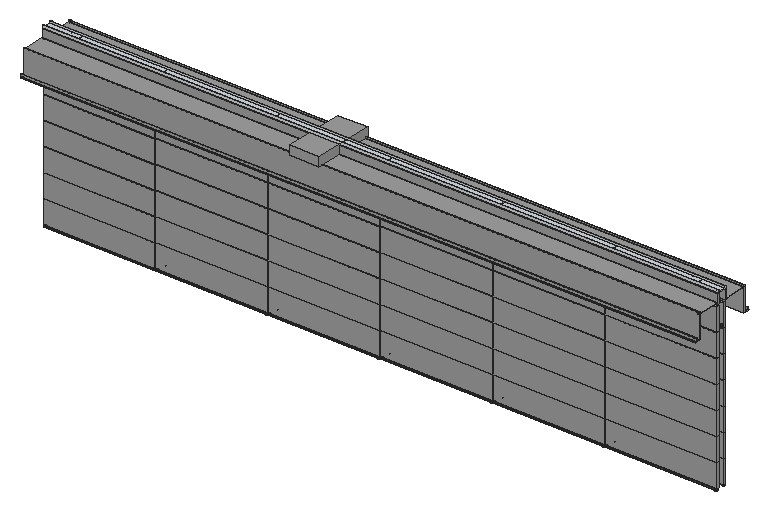
Revit family "Partition-7_Panels_High-Skyfold_Classic_Compact-12-1_to_14-0_FC_3680_to_4265", category Generic Models, host Ceiling, Revit 2026 (continued)
Definition of nested family "2D Fold panels"
  Definition of nested family "Int Panels"
    Lines and regions (in)
      model lines, in view "Ref. Level"
        curve 10: line (-17.67474, 17.59513, 0) -> (-17.67474, 17.34513, 0)
        curve 11: line (-17.67474, 17.34513, 0) -> (-18.17474, 17.34513, 0)
        curve 12: line (-18.17474, 17.34513, 0) -> (-18.17474, 16.09513, 0)
        curve 13: line (-18.17474, 16.09513, 0) -> (-18.92474, 15.34513, 0)
        curve 14: line (-18.92474, 15.34513, 0) -> (-23.08868, 15.34513, 0)
        curve 15: line (-23.08868, 15.22013, 0) -> (-18.45674, 15.22013, 0)
        curve 16: line (-18.45674, 15.22013, 0) -> (-17.67474, 14.43813, 0)
        curve 17: line (-17.67474, 14.43813, 0) -> (-17.67474, 12.97013, 0)
        curve 18: line (-17.67474, 12.97013, 0) -> (-23.08868, 12.97013, 0)
        curve 19: line (-23.08868, 21.70519, 0) -> (-18.45874, 21.70519, 0)
        curve 20: line (-18.45874, 21.70519, 0) -> (-17.67474, 20.92119, 0)
        curve 21: line (-17.67474, 20.92119, 0) -> (-17.67474, 19.45519, 0)
        curve 22: line (-17.67474, 19.45519, 0) -> (-23.08868, 19.45519, 0)
        curve 23: line (-23.08868, 0, 0) -> (-17.74583, 0, 0)
        curve 24: line (-17.74583, 0, 0) -> (-17.74583, 0.24995, 0)
        curve 25: line (-17.74583, 0.24995, 0) -> (-16.42711, 0.06825, 0)
        curve 26: line (-16.406, 0.80987, 0) -> (-17.60053, 0.63308, 0)
        curve 27: line (-17.60053, 0.63308, 0) -> (-17.76913, 0.62124, 0)
        curve 28: line (-17.76913, 0.62124, 0) -> (-17.76913, 1.5, 0)
        curve 29: line (-17.76913, 1.5, 0) -> (-18.51913, 2.25, 0)
        curve 30: line (-18.51913, 2.25, 0) -> (-23.08868, 2.25, 0)
      detail lines, in view "Ref. Level"
        curve 31: line (-23.08868, 11.11006, 0) -> (-17.67474, 11.11006, 0)
        curve 32: line (-17.67474, 11.11006, 0) -> (-17.67474, 10.86006, 0)
        curve 33: line (-17.67474, 10.86006, 0) -> (-18.17474, 10.86006, 0)
        curve 34: line (-18.17474, 10.86006, 0) -> (-18.17474, 9.61006, 0)
        curve 35: line (-18.17474, 9.61006, 0) -> (-18.92474, 8.86006, 0)
        curve 36: line (-18.92474, 8.86006, 0) -> (-23.08868, 8.86006, 0)
        curve 37: line (-23.08868, 8.73506, 0) -> (-18.45674, 8.73506, 0)
        curve 38: line (-18.45674, 8.73506, 0) -> (-17.67474, 7.95306, 0)
        curve 39: line (-17.67474, 7.95306, 0) -> (-17.67474, 6.48506, 0)
        curve 40: line (-17.67474, 6.48506, 0) -> (-23.08868, 6.48506, 0)
Definition of nested family "2D Unfold Panels"
  Parameters
    Wall thickness = 0' - 11 3/4"
    Distance_Between_Panels = 2' - 3"
    Assembly Code = ""
  Reference planes (in)
    plane 1: z = 0
    plane 2 "Center (Left/Right)": x = 1.44627
    plane 3: y = 92
    plane 4: y = 65
    plane 5: y = 38
    plane 6: y = 11
    plane 7: y = -16
    plane 8: y = -43
    plane 9: y = -70
    plane 10: y = -97
    plane 11: y = -96.57812
    plane 12: x = -4.42873
    plane 13: x = 7.32127
  Lines and regions (in)
    detail lines, in view "Ref. Level"
      curve 1: line (-4.42873, 87.75359, 0) -> (-4.42873, 68.81444, 0)
      curve 2: line (-2.17861, 87.75359, 0) -> (-2.17861, 68.81444, 0)
      curve 3: line (-2.17861, 42.70598, 0) -> (-2.17861, 61.95984, 0)
      curve 4: line (-4.42873, 61.95984, 0) -> (-4.42873, 42.70598, 0)
      curve 5: line (-4.42873, 35.46489, 0) -> (-4.42873, 15.31444, 0)
      curve 6: line (-2.17861, 35.46489, 0) -> (-2.17861, 15.31444, 0)
      curve 7: line (-2.17861, 8.45984, 0) -> (-2.17861, -11.79402, 0)
      curve 8: line (-4.42873, -11.79402, 0) -> (-4.42873, 8.45984, 0)
      curve 9: line (-4.42873, -72.00081, 0) -> (-4.42873, -92.75359, 0)
      curve 10: line (-2.17861, -72.03511, 0) -> (-2.17861, -92.75359, 0)
      curve 11: line (-4.42873, -18.53511, 0) -> (-4.42873, -38.68556, 0)
      curve 12: line (-2.17861, -18.53511, 0) -> (-2.17861, -38.68556, 0)
      curve 13: line (-2.17861, -46.29016, 0) -> (-2.17861, -66.54402, 0)
      curve 14: line (-4.42873, -66.54402, 0) -> (-4.42873, -46.29016, 0)
      curve 15: line (7.32127, 87.75359, 0) -> (7.32127, 68.81444, 0)
      curve 16: line (5.07116, 87.75359, 0) -> (5.07116, 68.81444, 0)
      curve 17: line (5.07116, 42.70598, 0) -> (5.07116, 61.95984, 0)
      curve 18: line (7.32127, 61.95984, 0) -> (7.32127, 42.70598, 0)
      curve 19: line (7.32127, 35.46489, 0) -> (7.32127, 15.31444, 0)
      curve 20: line (5.07116, 35.46489, 0) -> (5.07116, 15.31444, 0)
      curve 21: line (5.07116, 8.45984, 0) -> (5.07116, -11.79402, 0)
      curve 22: line (7.32127, -11.79402, 0) -> (7.32127, 8.45984, 0)
      curve 23: line (7.32127, -18.53511, 0) -> (7.32127, -38.68556, 0)
      curve 24: line (5.07116, -18.53511, 0) -> (5.07116, -38.68556, 0)
      curve 25: line (5.07116, -46.29016, 0) -> (5.07116, -66.54402, 0)
      curve 26: line (7.32127, -66.54402, 0) -> (7.32127, -46.29016, 0)
      curve 27: line (7.32127, -72.00081, 0) -> (7.32127, -92.75359, 0)
      curve 28: line (5.07116, -72.03511, 0) -> (5.07116, -92.75359, 0)
  Dimensions and locks (in)
    "Distance_Between_Panels": plane 4 to plane 3
    locked: plane 11 to plane 10 at 0.42188
    equal spacing: plane 10, plane 9, plane 8, plane 7, plane 6, plane 5, plane 4, plane 3
    equal spacing: plane 12, plane 2 "Center (Left/Right)", plane 13
    "Wall thickness": plane 12 to plane 13
    aligned and locked: nested 1 to plane 2 "Center (Left/Right)"
    aligned and locked: nested 2 to plane 2 "Center (Left/Right)"
    aligned and locked: plane 2 "Center (Left/Right)" to nested 3
    aligned and locked: plane 2 "Center (Left/Right)" to nested 5
    aligned and locked: nested 5 to nested 4
    aligned and locked: plane 2 "Center (Left/Right)" to nested 6
    aligned and locked: plane 3 to nested 6
    aligned: plane 4 to nested 4
    aligned: plane 5 to nested 5
    aligned: plane 6 to nested 3
    aligned: plane 9 to nested 2
    aligned and locked: nested 2 to plane 9
    aligned: plane 8 to nested 7
    aligned: plane 7 to nested 8
    aligned and locked: nested 3 to plane 6
    aligned and locked: nested 5 to plane 5
    aligned and locked: nested 4 to plane 4
    aligned: nested 1 to plane 10
    aligned and locked: nested 1 to plane 11
    aligned and locked: plane 2 "Center (Left/Right)" to nested 8
    aligned and locked: plane 2 "Center (Left/Right)" to nested 7
  Automatic sketch dimensions
    curve 1 to plane 12 = 0' - 0"
    curve 14 to plane 12 = 0' - 0"
    curve 11 to plane 12 = 0' - 0"
    curve 9 to plane 12 = 0' - 0"
    curve 4 to plane 12 = 0' - 0"
    curve 5 to plane 12 = 0' - 0"
    curve 8 to plane 12 = 0' - 0"
    curve 22 to plane 13 = 0' - 0"
    curve 23 to plane 13 = 0' - 0"
    curve 19 to plane 13 = 0' - 0"
    curve 18 to plane 13 = 0' - 0"
    curve 26 to plane 13 = 0' - 0"
    curve 27 to plane 13 = 0' - 0"
    curve 15 to plane 13 = 0' - 0"
    plane 12 to curve 7 = 0' - 2.25011"
    curve 5 to curve 6 = 0' - 2.25011"
    plane 12 to curve 3 = 0' - 2.25011"
    plane 12 to curve 10 = 0' - 2.25011"
    curve 1 to curve 2 = 0' - 2.25011"
    plane 12 to curve 12 = 0' - 2.25011"
    plane 12 to curve 13 = 0' - 2.25011"
    curve 28 to plane 13 = 0' - 2.25011"
    curve 16 to curve 15 = 0' - 2.25011"
    curve 17 to curve 18 = 0' - 2.25011"
    curve 25 to plane 13 = 0' - 2.25011"
    curve 24 to plane 13 = 0' - 2.25011"
    curve 20 to curve 19 = 0' - 2.25011"
    curve 21 to curve 22 = 0' - 2.25011"
    plane 11 to curve 27 = 0' - 3.82454"
    plane 11 to curve 9 = 0' - 3.82454"
    curve 9 to curve 10 = 0' - 0"
    curve 28 to curve 27 = 0' - 0"
    plane 9 to curve 10 = 0' - 2.03511"
    plane 9 to curve 28 = 0' - 2.03511"
    plane 9 to curve 27 = 0' - 2.00081"
    plane 9 to curve 9 = 0' - 2.00081"
    curve 25 to plane 9 = 0' - 3.45598"
    curve 25 to curve 26 = 0' - 0"  (x2)
    curve 13 to plane 9 = 0' - 3.45598"
    curve 14 to curve 13 = 0' - 0"  (x2)
    plane 8 to curve 13 = 0' - 3.29016"
    plane 8 to curve 25 = 0' - 3.29016"
    curve 24 to plane 8 = 0' - 4.31444"
    curve 12 to plane 8 = 0' - 4.31444"
    curve 24 to curve 23 = 0' - 0"  (x2)
    curve 11 to curve 12 = 0' - 0"  (x2)
    plane 7 to curve 23 = 0' - 2.53511"
    plane 7 to curve 12 = 0' - 2.53511"
    curve 21 to plane 7 = 0' - 4.20598"
    curve 7 to plane 7 = 0' - 4.20598"
    curve 8 to curve 7 = 0' - 0"  (x2)
    curve 21 to curve 22 = 0' - 0"  (x2)
    plane 6 to curve 7 = 0' - 2.54016"
    plane 6 to curve 22 = 0' - 2.54016"
    curve 5 to plane 6 = 0' - 4.31444"
    curve 5 to curve 6 = 0' - 0"  (x2)
    curve 19 to plane 6 = 0' - 4.31444"
    curve 20 to curve 19 = 0' - 0"  (x2)
    plane 5 to curve 19 = 0' - 2.53511"
    plane 5 to curve 6 = 0' - 2.53511"
    curve 18 to plane 5 = 0' - 4.70598"
    curve 3 to plane 5 = 0' - 4.70598"
    curve 4 to curve 3 = 0' - 0"  (x2)
    curve 17 to curve 18 = 0' - 0"  (x2)
    plane 4 to curve 17 = 0' - 3.04016"
    plane 4 to curve 3 = 0' - 3.04016"
    curve 15 to plane 4 = 0' - 3.81444"
    curve 1 to plane 4 = 0' - 3.81444"
    curve 1 to curve 2 = 0' - 0"  (x2)
    curve 16 to curve 15 = 0' - 0"  (x2)
    plane 3 to curve 2 = 0' - 4.24641"
    plane 3 to curve 16 = 0' - 4.24641"
  Nested families (in)
    nested 1: "vert fin bas" at (1.04625, -92.33456, 0), type "vert fin bas", in view "Ref. Level"
    nested 2: "vert biseau" at (1.39904, -73.00081, 0), type "vert biseau", in view "Ref. Level"
    nested 3: "vert levres" at (1.34699, 8.32838, 0), type "vert levres", in view "Ref. Level"
    nested 4: "vert levres" at (1.34699, 62.32838, 0), type "vert levres", in view "Ref. Level"
    nested 5: "vert biseau" at (1.39904, 34.99919, 0), type "vert biseau", in view "Ref. Level"
    nested 6: "vert fin haut" at (1.88328, 87.75643, 0), type "vert fin haut", in view "Ref. Level"
    nested 7: "vert levres" at (1.34699, -45.67162, 0), type "vert levres", in view "Ref. Level"
    nested 8: "vert biseau" at (1.39904, -19.00081, 0), type "vert biseau", in view "Ref. Level"
  Definition of nested family "vert fin bas"
    Parameters
      Wall thickness = 0' - 11 3/4"
      Assembly Code = ""
    Reference planes (in)
      plane 1 "Center (Front/Back)": y = 0
      plane 2: z = 0
      plane 3 "Center (Left/Right)": x = 0.40002
      plane 4: x = -5.47498
      plane 5: x = 6.27502
    Lines and regions (in)
      model lines, in view "Ref. Level"
        curve 1: arc (-5.46512, -5.84526, 0) -> (-5.03544, -6.27494, 0) -> (-4.60575, -5.84526, 0) r 0.42968
        curve 2: line (-5.47498, 0.00284, 0) -> (-5.47498, -4.27482, 0)
        curve 3: line (-5.47498, -4.27482, 0) -> (-5.22497, -4.27482, 0)
        curve 4: line (-5.22497, -4.27482, 0) -> (-5.46512, -5.84526, 0)
        curve 5: line (-4.60575, -5.84526, 0) -> (-4.85481, -4.24357, 0)
        curve 6: line (-4.85481, -4.24357, 0) -> (-4.24567, -4.24357, 0)
        curve 7: line (-4.24567, -4.24357, 0) -> (-3.22487, -3.22277, 0)
        curve 8: line (-3.22487, -3.22277, 0) -> (-3.22487, 0.00284, 0)
        curve 9: arc (0.90004, -6.01609, 0) -> (1.25205, -5.87118, 0) -> (1.40004, -5.52045, 0) r 0.50003
        curve 10: arc (1.40004, -5.52045, 0) -> (1.38599, -5.43168, 0) -> (1.33756, -5.35598, 0) r 0.21963
        curve 11: arc (-0.53754, -5.35598, 0) -> (-0.58597, -5.43168, 0) -> (-0.60002, -5.52045, 0) r 0.21963
        curve 12: arc (-0.60002, -5.52045, 0) -> (-0.45203, -5.87118, 0) -> (-0.10001, -6.01609, 0) r 0.50003
        curve 13: arc (0.15, -4.98096, 0) -> (0.23839, -4.94435, 0) -> (0.275, -4.85595, 0) r 0.12501
        curve 14: arc (0.52502, -4.85595, 0) -> (0.56163, -4.94435, 0) -> (0.65002, -4.98096, 0) r 0.12501
        curve 15: arc (-0.60004, -4.85595, 0) -> (-0.68843, -4.89257, 0) -> (-0.72505, -4.98096, 0) r 0.12501
        curve 16: arc (-0.72505, -5.51606, 0) -> (-0.54198, -5.95803, 0) -> (-0.10001, -6.14109, 0) r 0.62503
        curve 17: arc (0.90004, -6.14109, 0) -> (1.342, -5.95803, 0) -> (1.52507, -5.51606, 0) r 0.62503
        curve 18: arc (1.52507, -4.98096, 0) -> (1.48845, -4.89257, 0) -> (1.40006, -4.85595, 0) r 0.12501
        curve 19: line (-0.10001, -6.01609, 0) -> (0.90004, -6.01609, 0)
        curve 20: line (1.33756, -5.35598, 0) -> (-0.53754, -5.35598, 0)
        curve 21: line (0.65002, -4.98096, 0) -> (1.40006, -4.98096, 0)
        curve 22: line (1.40006, -4.98096, 0) -> (1.40006, -5.23097, 0)
        curve 23: line (1.40006, -5.23097, 0) -> (-0.60004, -5.23097, 0)
        curve 24: line (-0.60004, -5.23097, 0) -> (-0.60004, -4.98096, 0)
        curve 25: line (-0.60004, -4.98096, 0) -> (0.15, -4.98096, 0)
        curve 26: line (0.275, -4.85595, 0) -> (0.275, -3.23087, 0)
        curve 27: line (0.275, -3.23087, 0) -> (0.52502, -3.23087, 0)
        curve 28: line (0.52502, -3.23087, 0) -> (0.52502, -4.85595, 0)
        curve 29: line (-0.35003, -4.98096, 0) -> (-0.35003, -4.85595, 0)
        curve 30: line (-0.35003, -4.85595, 0) -> (-0.60004, -4.85595, 0)
        curve 31: line (-0.72505, -4.98096, 0) -> (-0.72505, -5.51606, 0)
        curve 32: line (-0.10001, -6.14109, 0) -> (0.90004, -6.14109, 0)
        curve 33: line (1.52507, -5.51606, 0) -> (1.52507, -4.98096, 0)
        curve 34: line (1.40006, -4.85595, 0) -> (1.15005, -4.85595, 0)
        curve 35: line (1.15005, -4.85595, 0) -> (1.15005, -4.98096, 0)
      detail lines, in view "Ref. Level"
        curve 36: arc (6.26516, -5.84526, 0) -> (5.83548, -6.27494, 0) -> (5.4058, -5.84526, 0) r 0.42968
        curve 37: line (6.27502, 0.00284, 0) -> (6.27502, -4.27482, 0)
        curve 38: line (6.27502, -4.27482, 0) -> (6.02501, -4.27482, 0)
        curve 39: line (6.02501, -4.27482, 0) -> (6.26516, -5.84526, 0)
        curve 40: line (5.4058, -5.84526, 0) -> (5.65485, -4.24357, 0)
        curve 41: line (5.65485, -4.24357, 0) -> (5.04571, -4.24357, 0)
        curve 42: line (5.04571, -4.24357, 0) -> (4.02491, -3.22277, 0)
        curve 43: line (4.02491, -3.22277, 0) -> (4.02491, 0.00284, 0)
    Dimensions and locks (in)
      equal spacing: plane 4, plane 3 "Center (Left/Right)", plane 5
      "Wall thickness": plane 4 to plane 5
    Automatic sketch dimensions
      curve 9 to curve 17 = 0' - 0"  (x2)
      curve 12 to curve 16 = 0' - 0"  (x2)
      curve 2 to plane 4 = 0' - 0"
      curve 37 to plane 5 = 0' - 0"
      plane 4 to curve 4 = 0' - 0.00986"
      curve 2 to curve 4 = 0' - 0 1/4"
      curve 1 to curve 1 = 0' - 0 55/128"
      curve 3 to curve 5 = 0' - 0.37016"
      curve 5 to curve 6 = 0' - 0.60914"
      curve 6 to curve 8 = 0' - 1.0208"
      curve 31 to plane 3 "Center (Left/Right)" = 0' - 1.12507"
      curve 15 to curve 24 = 0' - 0 1/8"
      curve 15 to curve 24 = 0' - 0"  (x2)
      curve 31 to curve 11 = 0' - 0.12503"
      curve 23 to curve 20 = 0' - 0 1/16"
      curve 12 to curve 11 = 0' - 0.21937"
      curve 24 to curve 29 = 0' - 0 1/4"
      curve 12 to plane 3 "Center (Left/Right)" = 0' - 0.50004"
      curve 13 to plane 3 "Center (Left/Right)" = 0' - 0.25002"
      curve 26 to plane 3 "Center (Left/Right)" = 0' - 0 1/8"
      plane 3 "Center (Left/Right)" to curve 28 = 0' - 0 1/8"
      curve 14 to curve 21 = 0' - 0 1/8"
      plane 3 "Center (Left/Right)" to curve 32 = 0' - 0 1/2"
      curve 14 to curve 34 = 0' - 0.50002"
      curve 9 to curve 10 = 0' - 0.28063"
      curve 10 to curve 20 = 0' - 0.15689"
      curve 10 to curve 10 = 0' - 0 1/16"
      curve 35 to curve 21 = 0' - 0 1/4"
      curve 18 to curve 21 = 0' - 0"
      curve 9 to curve 17 = 0' - 0.12503"
      curve 43 to plane 5 = 0' - 2.25011"
      curve 42 to plane 5 = 0' - 1.22931"
      curve 40 to plane 5 = 0' - 0.86922"
      curve 41 to curve 40 = 0' - 0.60914"
      curve 36 to curve 36 = 0' - 0 55/128"
      curve 38 to plane 5 = 0' - 0 1/4"
      plane 1 "Center (Front/Back)" to curve 32 = 0' - 6.14109"
      curve 32 to curve 19 = 0' - 0 1/8"
      curve 36 to curve 17 = 0' - 0.3292"
      curve 5 to curve 16 = 0' - 0.3292"
      curve 12 to curve 11 = 0' - 0.01076"
      curve 20 to curve 23 = 0' - 0 1/8"
      curve 22 to curve 33 = 0' - 0 1/4"
      curve 12 to curve 25 = 0' - 0.5351"
      curve 14 to curve 13 = 0' - 0 1/8"
      curve 1 to curve 3 = 0' - 1.57044"
      curve 36 to curve 39 = 0' - 1.57044"
      curve 38 to curve 42 = 0' - 0 1/32"
      curve 3 to curve 7 = 0' - 0 1/32"
      curve 13 to curve 26 = 0' - 1.62508"
      curve 41 to curve 42 = 0' - 1.0208"
      curve 6 to curve 7 = 0' - 1.0208"
      curve 8 to plane 1 "Center (Front/Back)" = 0' - 0.00284"
      curve 37 to plane 1 "Center (Front/Back)" = 0' - 0.00284"
      curve 2 to plane 1 "Center (Front/Back)" = 0' - 0.00284"
      curve 43 to plane 1 "Center (Front/Back)" = 0' - 0.00284"
  Definition of nested family "vert biseau"
    Parameters
      Wall thickness = 0' - 11 3/4"
      Assembly Code = ""
    Reference planes (in)
      plane 1 "Center (Front/Back)": y = 0
      plane 2: z = 0
      plane 3 "Center (Left/Right)": x = 0.04723
      plane 4: x = -5.82777
      plane 5: x = 5.92223
    Lines and regions (in)
      model lines, in view "Ref. Level"
        curve 1: line (-3.57766, -0.0343, 0) -> (-3.57766, 2.19877, 0)
        curve 2: line (-3.57766, 2.19877, 0) -> (-4.3797, 3.00081, 0)
        curve 3: line (-4.3797, 3.00081, 0) -> (-5.82777, 3.00081, 0)
        curve 4: line (-5.82777, 3.00081, 0) -> (-5.82777, -0.0343, 0)
        curve 5: line (-5.82777, 7.20679, 0) -> (-5.82777, 3.50083, 0)
        curve 6: line (-5.82777, 3.50083, 0) -> (-4.3797, 3.50083, 0)
        curve 7: line (-4.3797, 3.50083, 0) -> (-3.57766, 4.30287, 0)
        curve 8: line (-3.57766, 4.30287, 0) -> (-3.57766, 7.20679, 0)
      detail lines, in view "Ref. Level"
        curve 9: line (3.67212, -0.0343, 0) -> (3.67212, 2.19877, 0)
        curve 10: line (3.67212, 2.19877, 0) -> (4.47416, 3.00081, 0)
        curve 11: line (4.47416, 3.00081, 0) -> (5.92223, 3.00081, 0)
        curve 12: line (5.92223, 3.00081, 0) -> (5.92223, -0.0343, 0)
        curve 13: line (5.92223, 7.20679, 0) -> (5.92223, 3.50083, 0)
        curve 14: line (5.92223, 3.50083, 0) -> (4.47416, 3.50083, 0)
        curve 15: line (4.47416, 3.50083, 0) -> (3.67212, 4.30287, 0)
        curve 16: line (3.67212, 4.30287, 0) -> (3.67212, 7.20679, 0)
    Dimensions and locks (in)
      "Wall thickness": plane 4 to plane 5
      equal spacing: plane 4, plane 3 "Center (Left/Right)", plane 5
    Automatic sketch dimensions
      curve 5 to plane 4 = 0' - 0"
      curve 4 to plane 4 = 0' - 0"
      curve 13 to plane 5 = 0' - 0"
      curve 12 to plane 5 = 0' - 0"
      curve 3 to curve 2 = 0' - 1.44807"
      curve 7 to curve 2 = 0' - 0"
      curve 2 to curve 1 = 0' - 0.80204"
      curve 6 to curve 7 = 0' - 0.80204"  (x2)
      plane 1 "Center (Front/Back)" to curve 9 = 0' - 0.0343"
      curve 9 to curve 12 = 0' - 2.25011"
      curve 16 to curve 9 = 0' - 0"
      curve 9 to curve 11 = 0' - 0.80204"
      curve 15 to curve 10 = 0' - 0"
      plane 1 "Center (Front/Back)" to curve 12 = 0' - 0.0343"
      plane 1 "Center (Front/Back)" to curve 1 = 0' - 0.0343"
      plane 1 "Center (Front/Back)" to curve 4 = 0' - 0.0343"
      curve 10 to plane 1 "Center (Front/Back)" = 0' - 2.19877"
      curve 2 to plane 1 "Center (Front/Back)" = 0' - 2.19877"
      curve 9 to curve 12 = 0' - 0.80204"
      curve 1 to curve 4 = 0' - 0.80204"
      curve 3 to curve 5 = 0' - 0.50003"
      curve 11 to curve 14 = 0' - 0.50003"
      curve 14 to curve 16 = 0' - 0.80204"
      curve 7 to curve 5 = 0' - 2.90391"
      curve 15 to curve 13 = 0' - 2.90391"
      curve 5 to curve 8 = 0' - 0"
      curve 16 to curve 13 = 0' - 0"
  Definition of nested family "vert levres"
    Parameters
      Wall thickness = 0' - 11 3/4"
      Assembly Code = ""
    Reference planes (in)
      plane 1 "Center (Front/Back)": y = 0
      plane 2: z = 0
      plane 3 "Center (Left/Right)": x = 0.09928
      plane 4: x = -5.77572
      plane 5: x = 5.97428
    Lines and regions (in)
      model lines, in view "Ref. Level"
        curve 1: line (-5.52571, 3.18965, 0) -> (-5.52571, 2.67162, 0)
        curve 2: line (-5.52571, 2.67162, 0) -> (-5.52571, 3.18965, 0)
        curve 3: line (-5.52571, 3.18965, 0) -> (-5.77572, 3.18965, 0)
        curve 4: line (-5.77572, 3.18965, 0) -> (-5.77572, -0.10051, 0)
        curve 5: line (-5.77572, 6.75409, 0) -> (-5.77572, 3.68967, 0)
        curve 6: line (-5.77572, 3.68967, 0) -> (-3.52561, 3.68967, 0)
        curve 7: line (-3.52561, 3.68967, 0) -> (-3.52561, 6.75409, 0)
        curve 8: line (-3.52561, -0.10051, 0) -> (-3.52561, 2.67162, 0)
        curve 9: line (-3.52561, 2.67162, 0) -> (-5.52571, 2.67162, 0)
      detail lines, in view "Ref. Level"
        curve 10: line (5.72427, 3.18965, 0) -> (5.72427, 2.67162, 0)
        curve 11: line (5.72427, 2.67162, 0) -> (5.72427, 3.18965, 0)
        curve 12: line (5.72427, 3.18965, 0) -> (5.97428, 3.18965, 0)
        curve 13: line (5.97428, 3.18965, 0) -> (5.97428, -0.10051, 0)
        curve 14: line (5.97428, 6.75409, 0) -> (5.97428, 3.68967, 0)
        curve 15: line (5.97428, 3.68967, 0) -> (3.72417, 3.68967, 0)
        curve 16: line (3.72417, 3.68967, 0) -> (3.72417, 6.75409, 0)
        curve 17: line (3.72417, -0.10051, 0) -> (3.72417, 2.67162, 0)
        curve 18: line (3.72417, 2.67162, 0) -> (5.72427, 2.67162, 0)
    Dimensions and locks (in)
      equal spacing: plane 4, plane 3 "Center (Left/Right)", plane 5
      "Wall thickness": plane 4 to plane 5
    Automatic sketch dimensions
      curve 5 to plane 4 = 0' - 0"
      curve 4 to plane 4 = 0' - 0"
      curve 14 to plane 5 = 0' - 0"
      curve 13 to plane 5 = 0' - 0"
      plane 4 to curve 2 = 0' - 0 1/4"
      plane 4 to curve 7 = 0' - 2.25011"
      plane 1 "Center (Front/Back)" to curve 8 = 0' - 0.10051"
      curve 4 to curve 8 = 0' - 2.25011"
      curve 18 to plane 5 = 0' - 2.25011"
      curve 16 to curve 17 = 0' - 0"
      curve 11 to curve 12 = 0' - 0 1/4"
      plane 1 "Center (Front/Back)" to curve 4 = 0' - 0.10051"
      plane 1 "Center (Front/Back)" to curve 13 = 0' - 0.10051"
      plane 1 "Center (Front/Back)" to curve 17 = 0' - 0.10051"
      curve 9 to plane 1 "Center (Front/Back)" = 0' - 2.67162"
      curve 10 to plane 1 "Center (Front/Back)" = 0' - 2.67162"
      curve 1 to curve 4 = 0' - 0.51803"
      curve 10 to curve 10 = 0' - 0.51803"
      curve 8 to curve 7 = 0' - 1.01805"
      curve 12 to curve 14 = 0' - 0.50002"
      curve 14 to curve 14 = 0' - 3.06441"
      curve 5 to curve 5 = 0' - 3.06441"
      curve 5 to curve 7 = 0' - 0"
      curve 16 to curve 14 = 0' - 0"
  Definition of nested family "vert fin haut"
    Parameters
      Wall thickness = 0' - 11 3/4"
      Assembly Code = ""
    Reference planes (in)
      plane 1 "Center (Front/Back)": y = 0
      plane 2: z = 0
      plane 3 "Center (Left/Right)": x = -0.43701
      plane 4: x = -6.31201
      plane 5: x = 5.43799
    Lines and regions (in)
      detail lines, in view "Ref. Level"
        curve 1: arc (-6.30215, 5.84526, 0) -> (-5.87246, 6.27494, 0) -> (-5.44278, 5.84526, 0) r 0.42968
        curve 2: line (-6.31201, -0.00284, 0) -> (-6.31201, 4.27482, 0)
        curve 3: line (-6.31201, 4.27482, 0) -> (-6.06199, 4.27482, 0)
        curve 4: line (-6.06199, 4.27482, 0) -> (-6.30215, 5.84526, 0)
        curve 5: line (-5.44278, 5.84526, 0) -> (-5.69183, 4.24357, 0)
        curve 6: line (-5.69183, 4.24357, 0) -> (-5.0827, 4.24357, 0)
        curve 7: line (-5.0827, 4.24357, 0) -> (-4.06189, 3.22277, 0)
        curve 8: line (-4.06189, 3.22277, 0) -> (-4.06189, -0.00284, 0)
        curve 9: arc (5.42813, 5.84526, 0) -> (4.99845, 6.27494, 0) -> (4.56877, 5.84526, 0) r 0.42968
        curve 10: line (5.43799, -0.00284, 0) -> (5.43799, 4.27482, 0)
        curve 11: line (5.43799, 4.27482, 0) -> (5.18798, 4.27482, 0)
        curve 12: line (5.18798, 4.27482, 0) -> (5.42813, 5.84526, 0)
        curve 13: line (4.56877, 5.84526, 0) -> (4.81782, 4.24357, 0)
        curve 14: line (4.81782, 4.24357, 0) -> (4.20868, 4.24357, 0)
        curve 15: line (4.20868, 4.24357, 0) -> (3.18788, 3.22277, 0)
        curve 16: line (3.18788, 3.22277, 0) -> (3.18788, -0.00284, 0)
    Dimensions and locks (in)
      equal spacing: plane 4, plane 3 "Center (Left/Right)", plane 5
      "Wall thickness": plane 4 to plane 5
    Automatic sketch dimensions
      curve 2 to plane 4 = 0' - 0"
      curve 10 to plane 5 = 0' - 0"
      plane 4 to curve 1 = 0' - 0.00986"
      plane 4 to curve 3 = 0' - 0 1/4"
      curve 1 to curve 1 = 0' - 0 55/128"
      curve 3 to curve 5 = 0' - 0.37016"
      curve 5 to curve 6 = 0' - 0.60914"
      curve 6 to curve 8 = 0' - 1.0208"
      plane 1 "Center (Front/Back)" to curve 16 = 0' - 0.00284"
      curve 16 to curve 10 = 0' - 2.25011"
      curve 15 to plane 5 = 0' - 1.22931"
      curve 9 to plane 5 = 0' - 0.86922"
      curve 14 to curve 14 = 0' - 0.60914"
      curve 9 to curve 9 = 0' - 0 55/128"
      curve 12 to curve 10 = 0' - 0 1/4"
      plane 1 "Center (Front/Back)" to curve 10 = 0' - 0.00284"
      plane 1 "Center (Front/Back)" to curve 8 = 0' - 0.00284"
      plane 1 "Center (Front/Back)" to curve 2 = 0' - 0.00284"
      curve 16 to plane 1 "Center (Front/Back)" = 0' - 3.22277"
      curve 7 to plane 1 "Center (Front/Back)" = 0' - 3.22277"
      curve 15 to curve 14 = 0' - 1.0208"
      curve 7 to curve 5 = 0' - 1.0208"
      curve 5 to curve 3 = 0' - 0 1/32"
      curve 13 to curve 12 = 0' - 0 1/32"
      curve 2 to curve 1 = 0' - 1.57044"
      curve 10 to curve 12 = 0' - 1.57044"
Definition of nested family "Suspended Ceiling Component"
  Parameters
    Assembly Code = ""
  Reference planes (in)
    plane 1 "Centre (avant/arrière)": y = 0
    plane 2: z = 0
    plane 3 "Centre (gauche/droite)": x = 0
Definition of nested family "Disclaimer Component"
  Parameters
    Assembly Code = ""
  Reference planes (in)
    plane 1 "Centre (avant/arrière)": y = 0
    plane 2: z = 0
    plane 3 "Centre (gauche/droite)": x = 0
Definition of nested family "construction as per ASTM E557 Component"
  Parameters
    Assembly Code = ""
  Reference planes (in)
    plane 1 "Centre (avant/arrière)": y = 0
    plane 2: z = 0
    plane 3 "Centre (gauche/droite)": x = 0
Types (5): name | Total Panel Height | Panel Array | Description | Total Wall Length | Pocket Width"E" | Pocket Depth"D" | Panel Length | Panel Height"F" | Center Pantographs | Number Of Panels | Motor Positionning | Height Between Panels | Distance Between Panels | Finished Ceiling"A" | Top Of Acoustic Barrier | Beam Height"B" | Acoustic Barrier"C"
  12' - 6" | 14' - 3" | 5 | "Custom Powerlift Partitions" | 55' - 0" | 4' - 10 3/4" | 2' - 2" | 10' - 11.2" | 2' - 0" | 4 | 5 | 27' - 6" | 2' - 0 1/2" | 10' - 11.7" | 12' - 6" | 18' - 0" | 15' - 7 1/2" | 14' - 7"
  13' - 6" | 15' - 3 1/4" | 3 | "Custom Powerlift Partitions\r\nCustom Powerlift Partitions\r\nCustom Powerlift Partitions\r\nCustom Powerlift Partitions\r\nCustom Powerlift Partitions\r\n" | 32' - 0" | 5' - 2 1/4" | 2' - 2 1/4" | 10' - 7" | 2' - 1 3/4" | 2 | 3 | 16' - 0" | 2' - 2 1/4" | 10' - 7 1/2" | 13' - 6" | 17' - 0" | 16' - 7 3/4" | 15' - 7 1/4"
  12' - 1" | 13' - 9 3/4" | 7 | "Custom Powerlift Partitions" | 76' - 0" | 4' - 9 1/4" | 2' - 1 3/4" | 10' - 9.57143" | 1' - 11 1/4" | 6 | 7 | 38' - 0" | 1' - 11 3/4" | 10' - 10.07143" | 12' - 1" | 15' - 0" | 15' - 2 1/4" | 14' - 1 3/4"
  13' - 0" | 14' - 8 1/4" | 5 | "Custom Powerlift Partitions" | 56' - 0" | 5' - 0 1/4" | 2' - 1 1/4" | 11' - 1.6" | 2' - 0 3/4" | 4 | 5 | 28' - 0" | 2' - 1 1/4" | 11' - 2.1" | 13' - 0" | 16' - 0" | 16' - 0 3/4" | 15' - 0 1/4"
  14' - 0" | 15' - 8 1/2" | 6 | "Custom Powerlift Partitions" | 65' - 0" | 5' - 3 3/4" | 2' - 1 1/2" | 10' - 9 1/4" | 2' - 2 1/2" | 5 | 6 | 27' - 1 3/8" | 2' - 3" | 10' - 9 3/4" | 14' - 0" | 17' - 0" | 17' - 1" | 16' - 0 1/2"
